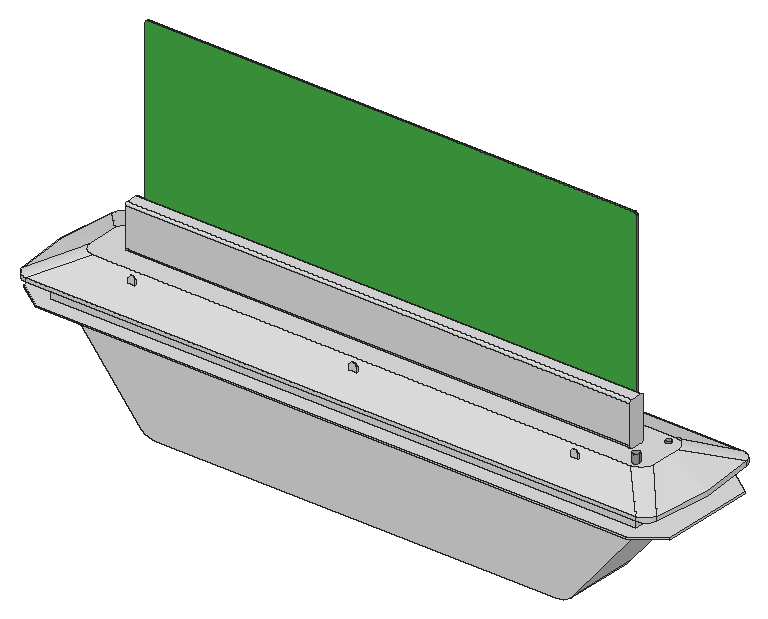
Revit family "Ultrablade Exit_Hosted_R18", category Lighting Fixtures, host Face, Revit 2018
Family settings
  Host = Face
  Round Connector Dimension = Use Diameter
  Part Type = Normal
  Cut with Voids When Loaded = No
  Light Source = Yes
  Shared = No
  Room Calculation Point = No
Parameters (values of type "ZUBLED-DALI")
  Zoneworks Node = "P/N: 8002200, DALI Node"
  Width = 110 mm
  Wattage Comments = "Standby"
  Wattage = 9.2903 W
  built-in parameter 1150110 = 1 (stored number, unit not read)
  Viewing Distance = 24000 mm
  built-in parameter 1114217 = 1 (stored number, unit not read)
  Tilt Angle = -90.00°
  Testing System = "DALI Compatible Testing"
  built-in parameter 1150109 = 1 (stored number, unit not read)
  built-in parameter 1150134 = 3
  built-in parameter 1150113 = 1 (stored number, unit not read)
  Single Sided = no
  Sign Direction = Sign : Exit
  Power Consumption = 4.5 W
  Photometric Web File = "Premium LED Ultrablade Exit.ies"
  Operating Voltage = 240 V
  Operating Mode = "Maintained"
  Mounting = "Recessed Ceiling Single-Sided & Double-Sided"
  Model = "ZUBLED-TH-DS"
  Manufacturer = "Clevertronics"
  built-in parameter 1150105 = -1060.9 (stored number, unit not read)
  Lumens = 1380 lm
  built-in parameter 1150115 = 1 (stored number, unit not read)
  built-in parameter 1150137 = (empty or 0)
  built-in parameter 1150139 = (empty or 0)
  Length = 480 mm
  built-in parameter 1150112 = 1 (stored number, unit not read)
  built-in parameter 1150114 = 1 (stored number, unit not read)
  Lamp = "P/N: 8002170, 24 x high intensity, low energy LED, surface mounted onto a replaceable lamp bar - 50,000hour\r\nlamp bar - 50,000hour"
  Inverter Board = "P/N: 8002015, PCA Zoneworks plug-in compatible"
  built-in parameter 1150132 = (empty or 0)
  built-in parameter 1150102 = (empty or 0)
  built-in parameter 1150107 = 3200 (stored number, unit not read)
  built-in parameter 1150138 = (empty or 0)
  built-in parameter 1150106 = -10.609 (stored number, unit not read)
  Finish = "White plastic cover plate"
  Emit from Circle Diameter = Length  # 480 mm
  Emit Shape Visible in Rendering = no
  built-in parameter 1150104 = 13.8 (stored number, unit not read)
  Double Sided = yes
  Dimming Lamp Color Temperature Shift = <None>
  Diffuser = "All directional inserts included in the box"
  Description = "LED Premium Theatre Ultrablade Exit"
  Default Elevation = 1219.2 mm
  Content Disclaimer = ""
  Color Filter = 16777215
  Charging Method = "Dual Rate"
  Ceiling Depth = 95 mm
  Battery = "P/N: 1510160, 6 x Sub C, High Temp NiCd"
  built-in parameter 1114218 = 1 (stored number, unit not read)
  Ballast = "Electronic"
  built-in parameter 1150133 = 10 (stored number, unit not read)
  Apparent Load = 4.5 W
  Annotation Direction = Exit_Annotation : Double Sided Exit Luminaire
  AS2293 = "C0=D5 C90=E3.2"
Types (16, lengths in mm): name | Zoneworks Node | Testing System | Power Consumption | Lamp | Inverter Board | Charging Method | Battery | AS2293
  (no name) | "P/N: 8002200, DALI Node" | "DALI Compatible Testing" | 4.5 W | "P/N: 8002170, 24 x high intensity, low energy LED, surface mounted onto a replaceable lamp bar - 50,000hour\r\nlamp bar - 50,000hour" | "P/N: 8002015, PCA Zoneworks plug-in compatible" | "Dual Rate" | "P/N: 1510160, 6 x Sub C, High Temp NiCd" | "C0=D5 C90=E3.2"
  ZUBLED | "P/N: 8001450, Zoneworks Powerline Node" | "Zoneworks Computerised Testing System" | 4.5 W | "P/N: 8002170, 24 x high intensity, low energy LED, surface mounted onto a replaceable lamp bar - 50,000hour\r\nlamp bar - 50,000hour" | "P/N: 8002015, PCA Zoneworks plug-in compatible" | "Dual Rate" | "P/N: 1510160, 6 x Sub C, High Temp NiCd" | "C0=D5 C90=E3.2"
  CUBLED-ZW | "P/N: 8001450, Zoneworks Powerline Node" | "Zoneworks Computerised Testing System" | 3.8 W | "P/N: 8002175, 24 DLED UB LED Strip #CT10156-D2" | "P/N: 8002345, PCA Lithium UBlade Driver #CT10164-L4" | "Intelligent current limited constant voltage" | "P/N: 1550052, LP  3.2V 3.2 Ahr" | "C0=D5 C90=EB10"
  PUBLED | "" | "Manual Test Switch" | 4.2 W | "P/N: 8002170, 24 x high intensity, low energy LED, surface mounted onto a replaceable lamp bar - 50,000hour\r\nlamp bar - 50,000hour" | "P/N: 8002015, PCA Zoneworks plug-in compatible" | "Dual Rate" | "P/N: 1510160, 6 x Sub C, High Temp NiCd" | "C0=D5 C90=E3.2"
  ZUBLED-DALI | "P/N: 8002200, DALI Node" | "DALI Compatible Testing" | 4.5 W | "P/N: 8002170, 24 x high intensity, low energy LED, surface mounted onto a replaceable lamp bar - 50,000hour\r\nlamp bar - 50,000hour" | "P/N: 8002015, PCA Zoneworks plug-in compatible" | "Dual Rate" | "P/N: 1510160, 6 x Sub C, High Temp NiCd" | "C0=D5 C90=E3.2"
  ZUBLED-DATA | "P/N: 8001455, Zoneworks DATA Node" | "Zoneworks DATA Testing" | 4.5 W | "P/N: 8002170, 24 x high intensity, low energy LED, surface mounted onto a replaceable lamp bar - 50,000hour\r\nlamp bar - 50,000hour" | "P/N: 8002015, PCA Zoneworks plug-in compatible" | "Dual Rate" | "P/N: 1510160, 6 x Sub C, High Temp NiCd" | "C0=D5 C90=E3.2"
  DUBLED | "P/N: 8001730, Clevertest Node" | "Clevertest" | 4.5 W | "P/N: 8002170, 24 x high intensity, low energy LED, surface mounted onto a replaceable lamp bar - 50,000hour\r\nlamp bar - 50,000hour" | "P/N: 8002015, PCA Zoneworks plug-in compatible" | "Dual Rate" | "P/N: 1510160, 6 x Sub C, High Temp NiCd" | "C0=D5 C90=E3.2"
  CUBLED-DATA | "P/N: 8001455, Zoneworks Data Node" | "Zoneworks DATA Testing" | 3.8 W | "P/N: 8002175, 24 DLED UB LED Strip #CT10156-D2" | "P/N: 8002345, PCA Lithium UBlade Driver #CT10164-L4" | "Intelligent current limited constant voltage" | "P/N: 1550052, LP  3.2V 3.2 Ahr" | "C0=D5 C90=B10"
  CUBLED-DALI | "P/N: 8002200, DALI Node" | "DALI Compatible Testing" | 3.8 W | "P/N: 8002175, 24 DLED UB LED Strip #CT10156-D2" | "P/N: 8002345, PCA Lithium UBlade Driver #CT10164-L4" | "Intelligent current limited constant voltage" | "P/N: 1550052, LP  3.2V 3.2 Ahr" | "C0=D5 C90=B10"
  CUBLED-CT | "P/N: 8001730, Clevertest Node" | "Clevertest" | 3.8 W | "P/N: 8002175, 24 DLED UB LED Strip #CT10156-D2" | "P/N: 8002345, PCA Lithium UBlade Driver #CT10164-L4" | "Intelligent current limited constant voltage" | "P/N: 1550052, LP  3.2V 3.2 Ahr" | "C0=D5 C90=B10"
  CUBLED | "" | "Manual Test Switch" | 3.5 W | "P/N: 8002175, 24 DLED UB LED Strip #CT10156-D2" | "P/N: 8002345, PCA Lithium UBlade Driver #CT10164-L4" | "Intelligent current limited constant voltage" | "P/N: 1550052, LP  3.2V 3.2 Ahr" | "C0=D5 C90=B10"
  LUBLED | "" | "Manual Test Switch" | 3.8 W | "P/N: 8002175, 24 DLED UB LED Strip #CT10156-D2" | "P/N: 8002345, PCA Lithium UBlade Driver #CT10164-L4" | "Intelligent current limited constant voltage" | "P/N: 1530050, L10 3.3V 2.5 Ahr" | "C0=D5 C90=B10"
  LUBLED-CT | "P/N: 8001730, Clevertest Node" | "Clevertest" | 3.8 W | "P/N: 8002175, 24 DLED UB LED Strip #CT10156-D2" | "P/N: 8002345, PCA Lithium UBlade Driver #CT10164-L4" | "Intelligent current limited constant voltage" | "P/N: 1530052, L10  3.3V 2.5 Ahr" | "C0=D5 C90=B10"
  LUBLED-DALI | "P/N: 8002200, DALI Node" | "DALI Compatible Testing" | 3.8 W | "P/N: 8002175, 24 DLED UB LED Strip #CT10156-D2" | "P/N: 8002345, PCA Lithium UBlade Driver #CT10164-L4" | "Intelligent current limited constant voltage" | "P/N: 1530052, L10  3.3V 2.5 Ahr" | "C0=D5 C90=B10"
  LUBLED-DATA | "P/N: 8001455, Zoneworks Data Node" | "Zoneworks DATA Testing" | 3.8 W | "P/N: 8002175, 24 DLED UB LED Strip #CT10156-D2" | "P/N: 8002345, PCA Lithium UBlade Driver #CT10164-L4" | "Intelligent current limited constant voltage" | "P/N: 1530052, L10  3.3V 2.5 Ahr" | "C0=D5 C90=B10"
  LUBLED-ZW | "P/N: 8001450, Zoneworks Powerline Node" | "Zoneworks Computerised Testing" | 3.8 W | "P/N: 8002175, 24 DLED UB LED Strip #CT10156-D2" | "P/N: 8002345, PCA Lithium UBlade Driver #CT10164-L4" | "Intelligent current limited constant voltage" | "P/N: 1530052, L10  3.3V 2.5 Ahr" | "C0=D5 C90=B10"
Reference planes
  plane 1 "Center (Front/Back)": y = 0
  plane 2: z = 0
  plane 3 "Center (Left/Right)": x = 0
  plane 4: x = -240
  plane 5: x = 240
  plane 6: y = 55
  plane 7: y = -55
  plane 8: z = 3
  plane 9: z = 15
  plane 10: z = 47.35
  plane 11: z = -95
  plane 12: z = -13
  plane 13: z = -14
Forms (mm)
  Extrusion 1, solid, material "Plastic - Polycarbonate - White", detail levels fine
    sketch origin (0, 0, -83.153) x (0, 1, 0) y (0, 0, 1)
      loop
        line (-4, 98.153) -> (4, 98.153)
        arc (4, 98.153) -> (5.414, 98.739) -> (6, 100.153) r 2
        line (6, 100.153) -> (6, 128.503)
        arc (6, 128.503) -> (5.414, 129.917) -> (4, 130.503) r 2
        line (4, 130.503) -> (-4, 130.503)
        arc (-4, 130.503) -> (-5.414, 129.917) -> (-6, 128.503) r 2
        line (-6, 128.503) -> (-6, 100.153)
        arc (-6, 100.153) -> (-5.414, 98.739) -> (-4, 98.153) r 2
    from -187.5 to 187.5
  Blend 2, solid, material "Plastic - Polycarbonate - White", detail levels fine
    base sketch origin (0, 0, 0) x (1, 0, 0) y (0, 1, 0)
      loop
        arc (-235.722, -41.706) -> (-232.424, -47.28) -> (-226.401, -49.664) r 10
        arc (-226.401, -49.664) -> (0, -55) -> (226.401, -49.664) r 4805.855
        arc (226.401, -49.664) -> (232.424, -47.28) -> (235.722, -41.706) r 10
        arc (235.722, -41.706) -> (240, 0) -> (235.722, 41.706) r 205.417
        arc (235.722, 41.706) -> (232.424, 47.28) -> (226.401, 49.664) r 10
        arc (226.401, 49.664) -> (0, 55) -> (-226.401, 49.664) r 4805.855
        arc (-226.401, 49.664) -> (-232.424, 47.28) -> (-235.722, 41.706) r 10
        arc (-235.722, 41.706) -> (-240, 0) -> (-235.722, -41.706) r 205.417
    top sketch origin (0, 0, 0) x (1, 0, 0) y (0, 1, 0)
      loop
        arc (-209.625, 11.47) -> (-210, 0) -> (-209.625, -11.47) r 175.417
        arc (-209.625, -11.47) -> (-206.633, -17.97) -> (-200.065, -20.808) r 10
        arc (-200.065, -20.808) -> (0, -25) -> (200.065, -20.808) r 4775.855
        arc (200.065, -20.808) -> (206.633, -17.97) -> (209.625, -11.47) r 10
        arc (209.625, -11.47) -> (210, 0) -> (209.625, 11.47) r 175.417
        arc (209.625, 11.47) -> (206.633, 17.97) -> (200.065, 20.808) r 10
        arc (200.065, 20.808) -> (0, 25) -> (-200.065, 20.808) r 4775.855
        arc (-200.065, 20.808) -> (-206.633, 17.97) -> (-209.625, 11.47) r 10
    from 3 to 15
  Extrusion 3, solid, material "Plastic - Polycarbonate - White", detail levels fine
    sketch origin (0, 0, 0) x (1, 0, 0) y (0, 1, 0)
      loop
        arc (-235.722, -41.706) -> (-232.424, -47.28) -> (-226.401, -49.664) r 10
        arc (-226.401, -49.664) -> (0, -55) -> (226.401, -49.664) r 4805.855
        arc (226.401, -49.664) -> (232.424, -47.28) -> (235.722, -41.706) r 10
        arc (235.722, -41.706) -> (240, 0) -> (235.722, 41.706) r 205.417
        arc (235.722, 41.706) -> (232.424, 47.28) -> (226.401, 49.664) r 10
        arc (226.401, 49.664) -> (0, 55) -> (-226.401, 49.664) r 4805.855
        arc (-226.401, 49.664) -> (-232.424, 47.28) -> (-235.722, 41.706) r 10
        arc (-235.722, 41.706) -> (-240, 0) -> (-235.722, -41.706) r 205.417
    from 0 to 3
  Extrusion 4, solid, material "Plastic - Polycarbonate - White", detail levels fine
    sketch origin (0, -2.875, 0) x (1, 0, 0) y (0, 0, 1)
      loop
        line (-167.319, 11.451) -> (-161.784, 11.451) -> (-161.784, 15) -> (-163.746, 16.963) -> (-165.357, 16.963) -> (-167.319, 15) -> (-167.319, 11.451)
      loop
        line (-2.768, 11.451) -> (2.768, 11.451) -> (2.768, 15) -> (0.805, 16.963) -> (-0.805, 16.963) -> (-2.768, 15) -> (-2.768, 11.451)
      loop
        line (167.319, 11.451) -> (167.319, 15) -> (165.357, 16.963) -> (163.746, 16.963) -> (161.784, 15) -> (161.784, 11.451) -> (167.319, 11.451)
    from -32.051 to -31.295
  Extrusion 5, solid, material "Plastic - Polycarbonate - White", detail levels fine
    sketch origin (0, 2.875, 0) x (1, 0, 0) y (0, 0, -1)
      loop
        line (-167.319, -11.451) -> (-167.319, -15) -> (-165.357, -16.963) -> (-163.746, -16.963) -> (-161.784, -15) -> (-161.784, -11.451) -> (-167.319, -11.451)
      loop
        line (-2.768, -11.451) -> (-2.768, -15) -> (-0.805, -16.963) -> (0.805, -16.963) -> (2.768, -15) -> (2.768, -11.451) -> (-2.768, -11.451)
      loop
        line (167.319, -11.451) -> (161.784, -11.451) -> (161.784, -15) -> (163.746, -16.963) -> (165.357, -16.963) -> (167.319, -15) -> (167.319, -11.451)
    from -32.051 to -31.295
  Extrusion 6, solid, material "Default", detail levels fine
    sketch origin (-0.625, 0.938, 0) x (1, 0, 0) y (0, 1, 0)
      loop
        circle (199.791, -16.032) r 2.5
    from 15 to 20.913
  Extrusion 7, solid, material "Default", detail levels fine
    sketch origin (-0.625, -0.938, 0) x (1, 0, 0) y (0, 1, 0)
      loop
        circle (199.791, 16.032) r 2
    from 15 to 15.653
  Extrusion 8, void
    sketch origin (0, 0, 0) x (1, 0, 0) y (0, 1, 0)
      loop
        line (-240, 55) -> (-240, -55) -> (240, -55) -> (240, 55) -> (-240, 55)
    from 0 to -95
  Extrusion 9, solid, material "Plastic - Polycarbonate - White", detail levels fine
    sketch origin (0, 0, 0) x (1, 0, 0) y (0, 1, 0)
      loop
        line (-219.166, 50) -> (-240, 35) -> (-240, -35) -> (-219.166, -50) -> (219.166, -50) -> (240, -35) -> (240, 35) -> (219.166, 50) -> (-219.166, 50)
      loop
        line (-215, 36) -> (-215, -36) -> (215, -36) -> (215, 36) -> (-215, 36)
    from -13 to -14
  Extrusion 10, solid, material "Plastic - Polycarbonate - White", detail levels fine
    sketch origin (0, 0, 0) x (1, 0, 0) y (0, 1, 0)
      loop
        line (-215, 36) -> (-215, -36) -> (215, -36) -> (215, 36) -> (-215, 36)
      loop
        line (217, 38) -> (-217, 38) -> (-217, -38) -> (217, -38) -> (217, 38)
    from -13 to 3
  Extrusion 11, solid, material "Plastic - Polycarbonate - White", detail levels fine
    sketch origin (0, 0, 0) x (1, 0, 0) y (0, 0, 1)
      loop
        line (0, 0) -> (-210, 0) -> (-210, -18.23)
        arc (-210, -18.23) -> (-209.124, -23.282) -> (-206.597, -27.743) r 15
        line (-206.597, -27.743) -> (-161.599, -82.599)
        arc (-161.599, -82.599) -> (-155.552, -87.319) -> (-148.068, -89) r 17.5
        line (-148.068, -89) -> (148.068, -89)
        arc (148.068, -89) -> (155.552, -87.319) -> (161.599, -82.599) r 17.5
        line (161.599, -82.599) -> (206.597, -27.743)
        arc (206.597, -27.743) -> (209.124, -23.282) -> (210, -18.23) r 15
        line (210, -18.23) -> (210, 0) -> (0, 0)
    from -26 to 26
Cuts and joins
  Extrusion 8 cuts Extrusion 3
Dimensions and locks
  equal spacing: plane 6, plane 1 "Center (Front/Back)", plane 7
  "Width": plane 6 to plane 7
  equal spacing: plane 4, plane 3 "Center (Left/Right)", plane 5
  "Length": plane 4 to plane 5
  "Ceiling Depth": level to plane 11
  aligned and locked: plane 2 to host face
  aligned and locked: level to host face
  aligned and locked: plane 3 "Center (Left/Right)" to nested 1
  aligned and locked: plane 1 "Center (Front/Back)" to nested 1
  aligned: plane 3 "Center (Left/Right)" to imposter light  (x2)
  aligned: level to imposter light
  aligned and locked: imposter light to plane 10
Automatic sketch dimensions
  host sketch curve to host sketch curve = 2438.4 mm  (x2)
  plane 10 to Extrusion 1 sketch curve = 0 mm
  Extrusion 1 sketch curve to plane 9 = 0 mm
  plane 1 "Center (Front/Back)" to Extrusion 1 sketch curve = 6 mm
  Extrusion 1 sketch curve to Extrusion 1 sketch curve = 2 mm
  plane 9 to Extrusion 1 sketch curve = 2 mm  (x2)
  Extrusion 1 sketch curve to plane 1 "Center (Front/Back)" = 4 mm  (x2)
  plane 1 "Center (Front/Back)" to Blend 2 sketch curve = 0 mm  (x4)
  Blend 2 sketch curve to plane 3 "Center (Left/Right)" = 0 mm  (x4)
  Blend 2 sketch curve to plane 3 "Center (Left/Right)" = 34.583 mm  (x2)
  plane 4 to Blend 2 sketch curve = 14.07 mm  (x2)
  plane 7 to Blend 2 sketch curve = 5.336 mm
  Blend 2 sketch curve to Blend 2 sketch curve = 0.471 mm  (x4)
  Blend 2 sketch curve to plane 6 = 5.336 mm  (x2)
  Blend 2 sketch curve to Blend 2 sketch curve = 0 mm  (x14)
  Blend 2 sketch curve to Blend 2 sketch curve = 9.792 mm  (x2)
  plane 3 "Center (Left/Right)" to Blend 2 sketch curve = 34.583 mm  (x2)
  Blend 2 sketch curve to plane 5 = 14.07 mm  (x2)
  Blend 2 sketch curve to plane 1 "Center (Front/Back)" = 10.816 mm
  plane 4 to Blend 2 sketch curve = 40.354 mm
  Blend 2 sketch curve to Blend 2 sketch curve = 0.419 mm  (x3)
  Blend 2 sketch curve to Blend 2 sketch curve = 9.979 mm  (x2)
  plane 1 "Center (Front/Back)" to Blend 2 sketch curve = 10.816 mm
  Blend 2 sketch curve to plane 5 = 40.354 mm
  plane 1 "Center (Front/Back)" to Extrusion 3 sketch curve = 0 mm  (x2)
  Extrusion 3 sketch curve to plane 3 "Center (Left/Right)" = 0 mm  (x2)
  Extrusion 3 sketch curve to plane 3 "Center (Left/Right)" = 34.583 mm
  plane 4 to Extrusion 3 sketch curve = 14.07 mm  (x2)
  plane 7 to Extrusion 3 sketch curve = 5.336 mm  (x2)
  Extrusion 3 sketch curve to Extrusion 3 sketch curve = 0.471 mm  (x4)
  Extrusion 3 sketch curve to Extrusion 3 sketch curve = 0 mm  (x5)
  Extrusion 3 sketch curve to plane 6 = 5.336 mm
  Extrusion 3 sketch curve to Extrusion 3 sketch curve = 9.792 mm  (x2)
  plane 3 "Center (Left/Right)" to Extrusion 3 sketch curve = 34.583 mm
  Extrusion 3 sketch curve to plane 5 = 14.07 mm  (x2)
  Extrusion 4 sketch curve to plane 9 = 0 mm  (x6)
  Extrusion 4 sketch curve to plane 9 = 3.549 mm  (x3)
  plane 4 to Extrusion 4 sketch curve = 72.681 mm
  plane 9 to Extrusion 4 sketch curve = 1.963 mm  (x3)
  Extrusion 4 sketch curve to Extrusion 4 sketch curve = 1.963 mm  (x4)
  Extrusion 4 sketch curve to Extrusion 4 sketch curve = 1.61 mm  (x2)
  Extrusion 4 sketch curve to plane 3 "Center (Left/Right)" = 2.768 mm
  Extrusion 4 sketch curve to plane 3 "Center (Left/Right)" = 0.805 mm
  plane 3 "Center (Left/Right)" to Extrusion 4 sketch curve = 0.805 mm
  plane 3 "Center (Left/Right)" to Extrusion 4 sketch curve = 2.768 mm
  Extrusion 4 sketch curve to plane 5 = 78.216 mm
  Extrusion 5 sketch curve to plane 9 = 0 mm  (x6)
  Extrusion 5 sketch curve to plane 9 = 3.549 mm  (x3)
  plane 4 to Extrusion 5 sketch curve = 72.681 mm
  plane 9 to Extrusion 5 sketch curve = 1.963 mm  (x3)
  Extrusion 5 sketch curve to Extrusion 5 sketch curve = 1.963 mm  (x4)
  Extrusion 5 sketch curve to Extrusion 5 sketch curve = 1.61 mm  (x2)
  Extrusion 5 sketch curve to plane 3 "Center (Left/Right)" = 2.768 mm
  Extrusion 5 sketch curve to plane 3 "Center (Left/Right)" = 0.805 mm
  plane 3 "Center (Left/Right)" to Extrusion 5 sketch curve = 0.805 mm
  plane 3 "Center (Left/Right)" to Extrusion 5 sketch curve = 2.768 mm
  Extrusion 5 sketch curve to plane 5 = 78.216 mm
  plane 1 "Center (Front/Back)" to Extrusion 6 sketch curve = 15.095 mm
  Extrusion 6 sketch curve to plane 5 = 40.834 mm
  plane 1 "Center (Front/Back)" to Extrusion 7 sketch curve = 15.095 mm
  plane 5 to Extrusion 7 sketch curve = 40.834 mm
  Extrusion 8 sketch curve to plane 4 = 0 mm
  Extrusion 8 sketch curve to plane 5 = 0 mm
  Extrusion 8 sketch curve to plane 7 = 0 mm
  Extrusion 8 sketch curve to plane 6 = 0 mm
  Extrusion 9 sketch curve to plane 4 = 0 mm
  Extrusion 9 sketch curve to plane 5 = 0 mm
  Extrusion 9 sketch curve to plane 6 = 5 mm
  plane 4 to Extrusion 9 sketch curve = 20.834 mm
  plane 7 to Extrusion 9 sketch curve = 5 mm
  Extrusion 9 sketch curve to Extrusion 9 sketch curve = 4.166 mm  (x4)
  Extrusion 9 sketch curve to plane 5 = 25 mm
  Extrusion 9 sketch curve to Extrusion 9 sketch curve = 14 mm  (x2)
  plane 7 to Extrusion 9 sketch curve = 20 mm  (x2)
  Extrusion 9 sketch curve to plane 6 = 20 mm  (x2)
  plane 4 to Extrusion 10 sketch curve = 23 mm
  Extrusion 10 sketch curve to Extrusion 10 sketch curve = 2 mm  (x4)
  Extrusion 10 sketch curve to plane 5 = 25 mm
  plane 7 to Extrusion 10 sketch curve = 17 mm
  Extrusion 10 sketch curve to plane 6 = 19 mm
  Extrusion 11 sketch curve to level = 0 mm
  Extrusion 11 sketch curve to plane 3 "Center (Left/Right)" = 0 mm
  plane 11 to Extrusion 11 sketch curve = 6 mm
  plane 4 to Extrusion 11 sketch curve = 91.932 mm
  plane 11 to Extrusion 11 sketch curve = 12.401 mm  (x2)
  Extrusion 11 sketch curve to Extrusion 11 sketch curve = 13.53 mm  (x2)
  Extrusion 11 sketch curve to plane 13 = 4.23 mm  (x2)
  plane 4 to Extrusion 11 sketch curve = 45 mm
  Extrusion 11 sketch curve to plane 13 = 13.743 mm  (x2)
  Extrusion 11 sketch curve to Extrusion 11 sketch curve = 11.597 mm  (x2)
  Extrusion 11 sketch curve to plane 5 = 91.932 mm
  Extrusion 11 sketch curve to plane 5 = 45 mm
  radius of Extrusion 6 sketch curve = 2.5 mm
  radius of Extrusion 7 sketch curve = 2 mm
Nested families
  nested 1: "Exit_Annotation" at (0, 0, 0), type <- "Annotation Direction", type "Double Sided Exit Luminaire", detail levels coarse+medium
    with Single Sided no, Double Sided yes
  nested 2: "Sign" at (0, 6, 93.051) x (1, 0, 0) z (0, 1, 0), visible <- "Double Sided", type "Exit", detail levels fine
  nested 3: "Sign" at (0, -6, 93.051) x (1, 0, 0) z (0, -1, 0), visible <- "Single Sided", type "Exit", detail levels fine
Connectors
  electrical at (0, 0, 0), driven by "Power Consumption", driven by "Operating Voltage"
    settings: index 1, voltage 240 V, apparent load 0 W, apparent load phase1 4.5 W, apparent load phase2 0 W, apparent load phase3 0 W, power factor 1, load classification "Lighting", number of poles 1, system type 31, power factor state 1, is connector primary yes, connector utility no, sub classification motor no, connector description ""
Definition of nested family "Sign"
  Parameters
    Default Elevation = 1219.2 mm
    Assembly Code = ""
  Reference planes
    plane 1 "Center (Front/Back)": y = 0
    plane 2: z = 0
    plane 3 "Center (Left/Right)": x = 0
    plane 4: z = 1
  Forms (mm)
    Extrusion 1, solid
      sketch origin (0, 0, 0) x (1, 0, 0) y (0, 1, 0)
        loop
          line (-1219.2, 1219.2) -> (-1219.2, -1219.2) -> (1219.2, -1219.2) -> (1219.2, 1219.2) -> (-1219.2, 1219.2)
      from 0 to -304.8
    Extrusion 2, solid
      sketch origin (0, 0, 0) x (1, 0, 0) y (0, 1, 0)
        loop
          arc (-180.5, 72.5) -> (-181.914, 71.914) -> (-182.5, 70.5) r 2
          line (-182.5, 70.5) -> (-182.5, -70.5)
          arc (-182.5, -70.5) -> (-181.914, -71.914) -> (-180.5, -72.5) r 2
          line (-180.5, -72.5) -> (180.5, -72.5)
          arc (180.5, -72.5) -> (181.914, -71.914) -> (182.5, -70.5) r 2
          line (182.5, -70.5) -> (182.5, 70.5)
          arc (182.5, 70.5) -> (181.914, 71.914) -> (180.5, 72.5) r 2
          line (180.5, 72.5) -> (-180.5, 72.5)
      from 0 to 1
  Dimensions and locks
    aligned and locked: plane 2 to Extrusion 1
    aligned and locked: level to Extrusion 1
Definition of nested family "Exit_Annotation"
  Parameters
    Single Sided Direction = no
    Single Sided = yes
    Double Sided Direction = no
    Double Sided = no
  Reference planes
    plane 1: y = 0
    plane 2: x = 0
  Lines and regions (mm)
    Filled region 1, type "Filled region 1", visible <- "Double Sided Direction"
      outline origin (0, 0, 0) x (1, 0, 0) y (0, 1, 0)
        loop
          line (-0.7, 2.8) -> (-2.5, 2) -> (-0.7, 2) -> (-0.7, 2.8)
    Filled region 2, type "Filled region 1", visible <- "Double Sided Direction"
      outline origin (0, 0, 0) x (0, -1, 0) y (1, 0, 0)
        loop
          line (2.8, -0.7) -> (2, -0.7) -> (2, -2.5) -> (2.8, -0.7)
    Filled region 3, type "Filled region 1", visible <- "Single Sided Direction"
      outline origin (0, 0, 0) x (0, -1, 0) y (1, 0, 0)
        loop
          line (2.8, -0.7) -> (2, -0.7) -> (2, -2.5) -> (2.8, -0.7)
    detail lines
      curve 1: line (2.5, 1.5, 0) -> (-2.5, 1.5, 0)
      curve 2: line (-2.5, 1.5, 0) -> (-2.5, -1.5, 0)
      curve 3: line (-2.5, -1.5, 0) -> (2.5, -1.5, 0)
      curve 4: line (2.5, 1.5, 0) -> (2.5, -1.5, 0)
      curve 6: line (2.5, -2, 0) -> (-2.5, -2, 0)
    detail lines, visible <- "Double Sided"
      curve 5: line (2.5, 2, 0) -> (-2.5, 2, 0)
    detail lines, visible <- "Double Sided Direction"
      curve 7: line (2.5, 2, 0) -> (-2.5, 2, 0)
  Text (mm)
    text "EXIT" at (-2.237, 2.02, 0)
